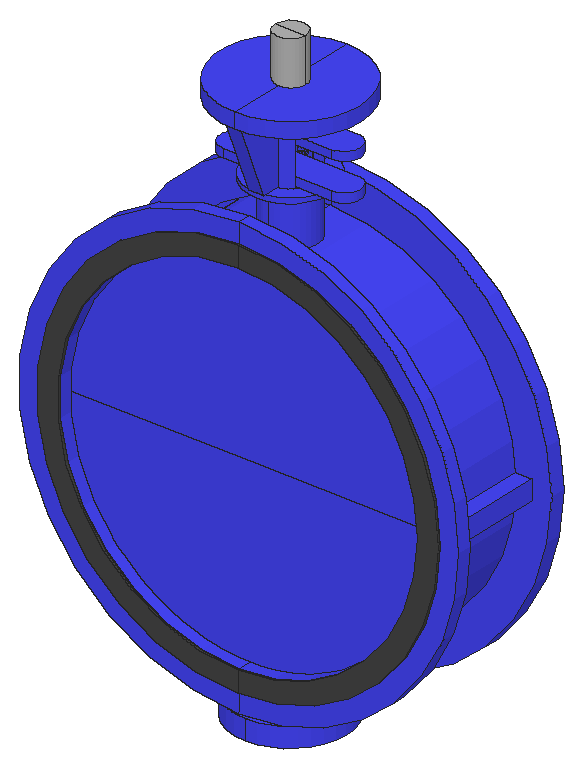
Revit family "926-01-002 DN100-1600", category Pipe Accessories, Revit 2022
Family settings
  Round Connector Dimension = Use Diameter
  Part Type = Valve - Breaks Into
  Work Plane-Based = No
  Always vertical = Yes
  Cut with Voids When Loaded = No
  Shared = No
Parameters (values of type "DN900_PN25")
  support_t = size_lookup(Search_table, "support_t", 0 mm, DN)  # 12 mm
  stem1 = Body_void * 0.85  # 39.27 mm
  URL_product_pages = "https://www.avkvalves.com/P.aspx?no=92610001030160100000"
  Stem_dim1 = Slot_Location1 * 0.38  # 21.85 mm
  Slot_Location1 = (A_support - Actuator_FL_T) / 3  # 57.5 mm
  Description_ = "AVK DBL. ECC. BUTTERFLY VALVE, FLANGED, ISO5752/13, PN25"
  DN900_PN25 = "926-900-01-030060100000"
  DN800_PN25 = "926-800-01-030060100000"
  DN700_PN25 = "926-700-01-030060100000"
  DN600_PN25 = "926-600-01-030080100000"
  DN500_PN25 = "926-500-01-030080100000"
  DN400_PN25 = "926-400-01-030080100000"
  DN350_PN25 = "926-350-01-030080100000"
  DN300_PN25 = "926-300-01-030080100000"
  DN250 PN25 = "926-250-01-030080100000"
  DN200_PN25 = "926-200-01-030080100000"
  DN1600_PN25 = "926-A16-01-030060100000"
  DN150_PN25 = "926-150-01-030080100000"
  DN1200_PN25 = "926-A12-01-030060100000"
  DN100_PN25 = "926-100-01-030160100000"
  DN1000_PN25 = "926-A10-01-030060100000"
  D1 = Body_shaft_R * 0.6  # 39.6 mm
  Search_table = "926-01-002 DN100-1600"
  Raised_dis = size_lookup(Search_table, "Raised_dis", 0 mm, DN)  # 5 mm
  Raised_R = size_lookup(Search_table, "Raised_R", 0 mm, DN)  # 502 mm
  PCD = size_lookup(Search_table, "PCD_R", 0 mm, DN)  # 525 mm
  Flange_T = size_lookup(Search_table, "Flange_T", 0 mm, DN)  # 37.5 mm
  Flange_R = size_lookup(Search_table, "Flange_R", 0 mm, DN)  # 550 mm
  E = size_lookup(Search_table, "E", 0 mm, DN)  # 108 mm
  Default Elevation = 0 mm
  DN = 900 mm
  D = size_lookup(Search_table, "D", 0 mm, DN)  # 75 mm
  C = size_lookup(Search_table, "C", 0 mm, DN)  # 802 mm
  Bore_R = size_lookup(Search_table, "Bore_R", 0 mm, DN)  # 450 mm
  Body_void = Body_shaft_R * 0.7  # 46.2 mm
  Body_shaft_R = (A * 0.4) / 2  # 66 mm
  Body_rib = size_lookup(Search_table, "Body_rib", 0 mm, DN)  # 25 mm
  Body_Thickness = size_lookup(Search_table, "Body_Thickness", 0 mm, DN)  # 11 mm
  Base_T = size_lookup(Search_table, "Base_T", 0 mm, DN)  # 48.75 mm
  Base_R = size_lookup(Search_table, "Base_R", 0 mm, DN)  # 140 mm
  B = size_lookup(Search_table, "B", 0 mm, DN)  # 620 mm
  Actuator_Flange_R = size_lookup(Search_table, "Actuator_Flange_R", 0 mm, DN)  # 175 mm
  Actuator_FL_T = size_lookup(Search_table, "Actuator_FL_T", 0 mm, DN)  # 37.5 mm
  A_support1 = Actuator_Flange_R * 0.6  # 105 mm
  A_support = size_lookup(Search_table, "A_support", 0 mm, DN)  # 210 mm
  A = size_lookup(Search_table, "A", 0 mm, DN)  # 330 mm
Types (16, lengths in mm): name | support_t | stem1 | Stem_dim1 | Slot_Location1 | D1 | Raised_dis | Raised_R | PCD | Flange_T | Flange_R | E | DN | D | C | Bore_R | Body_void | Body_shaft_R | Body_rib | Body_Thickness | Base_T | Base_R | B | Actuator_Flange_R | Actuator_FL_T | A_support1 | A_support | A
  (no name) | 12 | 39.27 | 21.85 | 57.5 | 39.6 | 5 | 502 | 525 | 37.5 | 550 | 108 | 900 | 75 | 802 | 450 | 46.2 | 66 | 25 | 11 | 48.75 | 140 | 620 | 175 | 37.5 | 105 | 210 | 330
  DN100_PN25 | 8 | 15.113 | 7.727 | 20.333 | 15.24 | 3 | 76.5 | 90 | 19 | 95 | 20 | 100 | 11 | 202 | 50 | 17.78 | 25.4 | 8 | 6 | 20 | 45 | 130 | 62.5 | 19 | 37.5 | 80 | 127
  DN1000_PN25 | 12 | 48.79 | 20.267 | 53.333 | 49.2 | 5 | 555.5 | 580 | 35 | 615 | 80 | 1000 | 75 | 856 | 500 | 57.4 | 82 | 25 | 12 | 45.5 | 140 | 700 | 175 | 35 | 105 | 195 | 410
  DN1200_PN25 | 12 | 55.93 | 24.7 | 65 | 56.4 | 5 | 665 | 690 | 40 | 727.5 | 180 | 1200 | 143 | 1080 | 600 | 65.8 | 94 | 25 | 12 | 52 | 166 | 850 | 207.5 | 40 | 124.5 | 235 | 470
  DN200_PN25 | 8 | 18.088 | 11.78 | 31 | 18.24 | 3 | 132 | 147.5 | 19 | 150 | 30 | 200 | 22 | 320 | 100 | 21.28 | 30.4 | 8 | 7 | 24.7 | 60 | 200 | 75 | 19 | 45 | 112 | 152
  DN150_PN25 | 8 | 16.66 | 9.753 | 25.667 | 16.8 | 3 | 104.5 | 120 | 19 | 122 | 27 | 150 | 17 | 280 | 75 | 19.6 | 28 | 8 | 6 | 23 | 50 | 170 | 62.5 | 19 | 37.5 | 96 | 140
  DN1600_PN25 | 12 | 71.4 | 15.96 | 42 | 72 | 5 | 815 | 715 | 40 | 830 | 170 | 1600 | 180 | 1050 | 800 | 84 | 120 | 25 | 1 | 52 | 190 | 1050 | 237.5 | 40 | 142.5 | 166 | 600
  DN250 PN25 | 8 | 19.635 | 11.78 | 31 | 19.8 | 3 | 159.5 | 175 | 22 | 175 | 36 | 250 | 27 | 340 | 125 | 23.1 | 33 | 8 | 8 | 28.6 | 60 | 222 | 75 | 22 | 45 | 115 | 165
  DN300_PN25 | 8 | 21.182 | 10.197 | 26.833 | 21.36 | 4 | 183.5 | 200 | 24.5 | 215 | 41 | 300 | 27 | 390 | 150 | 24.92 | 35.6 | 13 | 8 | 31.85 | 60 | 260 | 75 | 24.5 | 45 | 105 | 178
  DN350_PN25 | 9 | 22.61 | 11.463 | 30.167 | 22.8 | 4 | 213.5 | 230 | 24.5 | 252.5 | 41 | 350 | 36 | 420 | 175 | 26.6 | 38 | 13 | 9 | 31.85 | 60 | 290 | 75 | 24.5 | 45 | 115 | 190
  DN400_PN25 | 9 | 25.704 | 14.63 | 38.5 | 25.92 | 4 | 238.5 | 257.5 | 24.5 | 282.5 | 41 | 400 | 36 | 451 | 200 | 30.24 | 43.2 | 16 | 9 | 31.85 | 84 | 350 | 105 | 24.5 | 63 | 140 | 216
  DN500_PN25 | 10 | 27.251 | 14.377 | 37.833 | 27.48 | 4 | 291 | 310 | 26.5 | 335 | 65 | 500 | 46 | 511 | 250 | 32.06 | 45.8 | 16 | 10 | 34.45 | 84 | 380 | 105 | 26.5 | 63 | 140 | 229
  DN600_PN25 | 10 | 31.773 | 16.467 | 43.333 | 32.04 | 5 | 341 | 362.5 | 30 | 380 | 70 | 600 | 55 | 561 | 300 | 37.38 | 53.4 | 16 | 10 | 39 | 120 | 450 | 150 | 30 | 90 | 160 | 267
  DN700_PN25 | 10 | 34.748 | 18.683 | 49.167 | 35.04 | 5 | 398.5 | 420 | 32.5 | 440 | 110 | 700 | 80 | 655 | 350 | 40.88 | 58.4 | 18 | 10 | 42.25 | 120 | 500 | 150 | 32.5 | 90 | 180 | 292
  DN800_PN25 | 10 | 37.842 | 21.533 | 56.667 | 38.16 | 5 | 452 | 475 | 35 | 507.5 | 110 | 800 | 80 | 740 | 400 | 44.52 | 63.6 | 20 | 10 | 45.5 | 120 | 600 | 150 | 35 | 90 | 205 | 318
  DN900_PN25 | 12 | 39.27 | 21.85 | 57.5 | 39.6 | 5 | 502 | 525 | 37.5 | 550 | 108 | 900 | 75 | 802 | 450 | 46.2 | 66 | 25 | 11 | 48.75 | 140 | 620 | 175 | 37.5 | 105 | 210 | 330
Reference planes
  plane 1 "Center (Front/Back)": y = 0
  plane 2: z = 0
  plane 3 "Center (Left/Right)": x = 0
  plane 4: z = 802
  plane 5: z = -620
  plane 6: y = 165
  plane 7: y = -165
  plane 8: z = 550
  plane 9: z = 550
  plane 10: z = 450
  plane 11: z = 592
  plane 12: x = 18.75
  plane 13: x = -18.75
  plane 14: x = -175
  plane 15: x = 175
  plane 16: x = -80
  plane 17: x = 80
  plane 18: z = 910
  plane 19: z = 649.5
  plane 20: z = 707
  plane 21: x = 37.5
  plane 22: x = -37.5
  plane 23: y = 37.5
  plane 24: y = -37.5
  plane 25: z = 910
  plane 26: y = 175
  plane 27: y = -175
Forms (mm)
  Revolve 1, solid, material "Default Wall"
    sketch origin (0, 0, 0) x (0, 1, 0) y (0, 0, 1)
      loop
        line (127.5, 461) -> (-127.5, 461) -> (-127.5, 550) -> (-160, 550) -> (-160, 450) -> (165, 450) -> (165, 550) -> (127.5, 550) -> (127.5, 461)
      axis (165, 0) -> (-160, 0)
    angle from 0 to 360
  Revolve 2, solid, material "Default Roof"
    sketch origin (0, 0, 0) x (0, 1, 0) y (0, 0, 1)
      loop
        line (-160, 450) -> (-160, 502) -> (-165, 502) -> (-165, 450) -> (-160, 450)
      axis (-165, 0) -> (-160, 0)
    angle from 0 to 360
  Revolve 3, solid, material "Default Wall"
    sketch origin (0, 0, 0) x (0, 1, 0) y (0, 0, 1)
      loop
        line (-66, 764.5) -> (-66, -571.25) -> (-140, -571.25) -> (-140, -620) -> (0, -620) -> (0, 802) -> (-175, 802) -> (-175, 764.5) -> (-66, 764.5)
      axis (0, 802) -> (0, -620)
    angle from 0 to 360
  Extrusion 4, solid, material "Default Wall"
    sketch origin (0, 0, 0) x (0, 1, 0) y (0, 0, 1)
      loop
        line (175, 764.5) -> (-175, 764.5) -> (-105, 592) -> (105, 592) -> (175, 764.5)
    from -18.75 to 18.75
  Revolve 5, solid, material "Default Wall"
    sketch origin (0, 0, 0) x (1, 0, 0) y (0, 0, 1)
      loop
        line (0, 592) -> (0, 580) -> (105, 580) -> (105, 592) -> (0, 592)
      axis (0, 592) -> (0, 580)
    angle from 0 to 360
  Extrusion 6, void
    sketch origin (0, 0, 0) x (0, -1, 0) y (0, 0, 1)
      loop
        line (-46.2, 764.5) -> (-46.2, 592) -> (46.2, 592) -> (46.2, 764.5) -> (-46.2, 764.5)
    from -175 to 175
  Extrusion 7, solid, material "Default Wall"
    sketch origin (0, 0, 0) x (1, 0, 0) y (0, 1, 0)
      loop
        line (-502, 127.5) -> (-502, -127.5) -> (-450, -127.5) -> (-450, 127.5) -> (-502, 127.5)
      loop
        line (502, 127.5) -> (450, 127.5) -> (450, -127.5) -> (502, -127.5) -> (502, 127.5)
    from -25 to 25
  Revolve 8, solid, material "Default"
    sketch origin (0, 0, 0) x (1, 0, 0) y (0, 0, 1)
      loop
        line (0, 910) -> (0, 707) -> (39.27, 707) -> (39.27, 728.85) -> (37.5, 728.85) -> (37.5, 910) -> (0, 910)
      axis (0, 910) -> (0, 707)
    angle from 0 to 360
  Extrusion 9, solid, material "Default Wall"
    sketch origin (0, 212.588, 707) x (0, 1, 0) y (-1, 0, 0)
      loop
        arc (-172.988, 135.4) -> (-212.588, 175) -> (-252.188, 135.4) r 39.6
        line (-252.188, 135.4) -> (-252.188, -135.4)
        arc (-252.188, -135.4) -> (-212.588, -175) -> (-172.988, -135.4) r 39.6
        line (-172.988, -135.4) -> (-172.988, 135.4)
    from -21.85 to 0
  Extrusion 10, solid, material "Default Wall"
    sketch origin (0, 502.012, 592) x (0, 1, 0) y (-1, 0, 0)
      loop
        arc (-462.412, 135.4) -> (-502.012, 175) -> (-541.612, 135.4) r 39.6
        line (-541.612, 135.4) -> (-541.612, -135.4)
        arc (-541.612, -135.4) -> (-502.012, -175) -> (-462.412, -135.4) r 39.6
        line (-462.412, -135.4) -> (-462.412, 135.4)
    from 0 to 21.85
  Revolve 11, solid, material "Default Wall"
    sketch origin (0, 0, 0) x (1, 0, 0) y (0, 1, 0)
      loop
        line (-450, 127.5) -> (-450, -127.5) -> (0, -127.5) -> (0, 127.5) -> (-450, 127.5)
      axis (0, -127.5) -> (0, 127.5)
    angle from 0 to 360
Cuts and joins
  Extrusion 6 cuts Revolve 3
  Extrusion 6 cuts Extrusion 4
  Extrusion 6 cuts Revolve 5
Dimensions and locks
  equal spacing: plane 6, plane 1 "Center (Front/Back)", plane 7
  "Flange_R": plane 8 to level
  "A": plane 6 to plane 7
  "B": plane 5 to level
  "C": plane 4 to level
  equal spacing: Revolve 1 sketch curve, plane 1 "Center (Front/Back)", Revolve 1 sketch curve
  "Flange_R": plane 9 to level
  "Bore_R": plane 10 to level
  "Flange_T": plane 6 to Revolve 1 sketch curve
  "Raised_dis": Revolve 1 sketch curve to plane 7
  "Body_Thickness": Revolve 1 sketch curve to plane 10
  "Bore_R": Revolve 2 sketch curve to level
  "Raised_R": Revolve 2 sketch curve to level
  "Raised_dis": Revolve 2 sketch curve to plane 7
  "Actuator_FL_T": plane 4 to Revolve 3 sketch curve
  "Actuator_Flange_R": plane 1 "Center (Front/Back)" to Revolve 3 sketch curve
  "Base_T": plane 5 to Revolve 3 sketch curve
  "Base_R": plane 1 "Center (Front/Back)" to Revolve 3 sketch curve
  "Body_shaft_R": plane 1 "Center (Front/Back)" to Revolve 3 sketch curve
  "A_support": plane 4 to plane 11
  equal spacing: Extrusion 4 sketch curve, plane 1 "Center (Front/Back)", Extrusion 4 sketch curve  (x2)
  "Actuator_Flange_R": Extrusion 4 sketch curve to plane 1 "Center (Front/Back)"
  "A_support1": Extrusion 4 sketch curve to plane 1 "Center (Front/Back)"
  "Actuator_FL_T": plane 4 to Extrusion 4 sketch curve
  equal spacing: plane 12, plane 3 "Center (Left/Right)", plane 13
  "Flange_T": plane 13 to plane 12
  "A_support1": Revolve 5 sketch curve to plane 3 "Center (Left/Right)"
  "support_t": Revolve 5 sketch curve to plane 11
  "Actuator_FL_T": plane 4 to Extrusion 6 sketch curve
  equal spacing: Extrusion 6 sketch curve, plane 1 "Center (Front/Back)", Extrusion 6 sketch curve
  "Body_void": plane 1 "Center (Front/Back)" to Extrusion 6 sketch curve
  equal spacing: plane 15, plane 3 "Center (Left/Right)", plane 14
  "Actuator_Flange_R": plane 3 "Center (Left/Right)" to plane 14
  equal spacing: Extrusion 7 sketch curve, plane 3 "Center (Left/Right)", Extrusion 7 sketch curve  (x2)
  "Raised_R": Extrusion 7 sketch curve to plane 3 "Center (Left/Right)"
  "Bore_R": Extrusion 7 sketch curve to plane 3 "Center (Left/Right)"
  "Flange_T": Extrusion 7 sketch curve to plane 6
  "Flange_T": Extrusion 7 sketch curve to plane 7
  equal spacing: Extrusion 7, level, Extrusion 7
  "Body_rib": Extrusion 7 to level
  equal spacing: plane 17, plane 3 "Center (Left/Right)", plane 16
  "E": plane 18 to plane 4
  "stem1": Revolve 8 sketch curve to plane 3 "Center (Left/Right)"
  equal spacing: plane 20, plane 19, plane 11
  "Slot_Location1": plane 19 to plane 11
  "Stem_dim1": Revolve 8 to plane 20
  "Stem_dim1": plane 20 to Extrusion 9
  equal spacing: Extrusion 9 sketch curve, plane 1 "Center (Front/Back)", Extrusion 9 sketch curve
  equal spacing: Extrusion 9 sketch curve, plane 3 "Center (Left/Right)", Extrusion 9 sketch curve
  "Actuator_Flange_R": Extrusion 9 sketch curve to plane 3 "Center (Left/Right)"
  "D1": plane 1 "Center (Front/Back)" to Extrusion 9 sketch curve
  "Stem_dim1": Extrusion 10 to plane 11
  equal spacing: plane 22, plane 3 "Center (Left/Right)", plane 21
  "D": plane 22 to plane 21
  equal spacing: Revolve 11 sketch curve, plane 1 "Center (Front/Back)", Revolve 11 sketch curve
  "Flange_T": Revolve 11 sketch curve to plane 6
  "Bore_R": Revolve 11 sketch curve to plane 3 "Center (Left/Right)"
  "E": plane 25 to plane 4
  equal spacing: plane 23, plane 1 "Center (Front/Back)", plane 24
  "D": plane 23 to plane 24
  equal spacing: plane 26, plane 1 "Center (Front/Back)", plane 27
  "Actuator_Flange_R": plane 26 to plane 1 "Center (Front/Back)"
  plane 26 to plane 27 = 350 mm  (x2)
  aligned and locked: level to plane 2
  aligned and locked: level to Revolve 1 sketch curve
  aligned and locked: plane 9 to Revolve 1 sketch curve
  aligned and locked: Revolve 1 sketch curve to plane 9
  aligned and locked: plane 10 to Revolve 1 sketch curve
  aligned and locked: Revolve 1 sketch curve to plane 6
  aligned and locked: Revolve 2 sketch curve to plane 7
  aligned and locked: Revolve 2 sketch curve to level
  aligned and locked: Revolve 3 sketch curve to plane 1 "Center (Front/Back)"  (x2)
  aligned and locked: Revolve 3 sketch curve to plane 4
  aligned and locked: Revolve 3 sketch curve to plane 5
  aligned and locked: Extrusion 4 sketch curve to plane 11
  aligned and locked: plane 13 to Extrusion 4
  aligned and locked: plane 12 to Extrusion 4
  aligned and locked: plane 3 "Center (Left/Right)" to Revolve 5 sketch curve
  aligned and locked: Revolve 5 sketch curve to plane 11
  aligned and locked: Revolve 5 sketch curve to plane 3 "Center (Left/Right)"
  aligned and locked: plane 11 to Extrusion 6 sketch curve
  aligned and locked: Extrusion 6 to plane 14
  aligned and locked: Extrusion 6 to plane 15
  aligned and locked: Extrusion 7 sketch curve to Extrusion 7 sketch curve  (x2)
  aligned and locked: plane 3 "Center (Left/Right)" to Revolve 8 sketch curve
  aligned and locked: Revolve 8 sketch curve to plane 18
  aligned and locked: Revolve 8 sketch curve to plane 3 "Center (Left/Right)"
  aligned and locked: plane 20 to Revolve 8
  aligned and locked: plane 20 to Extrusion 9
  aligned and locked: Extrusion 10 sketch curve to Extrusion 9  (x2)
  aligned and locked: Extrusion 10 to plane 11
  aligned and locked: Revolve 8 sketch curve to plane 21
  aligned and locked: Revolve 11 sketch curve to plane 3 "Center (Left/Right)"  (x2)
  aligned and locked: plane 1 "Center (Front/Back)" to nested 1
  aligned and locked: nested 1 to level
Automatic sketch dimensions
  Revolve 1 sketch curve to plane 7 = 0.021 mm
  Revolve 1 sketch curve to plane 26 = 0.376 mm
  plane 7 to Revolve 2 sketch curve = 0.262 mm
  plane 27 to Revolve 2 sketch curve = 1.262 mm
  Revolve 3 sketch curve to level = 53.898 mm
  plane 20 to Revolve 3 sketch curve = 12.315 mm
  Revolve 5 sketch curve to plane 19 = 9.966 mm
  plane 19 to Revolve 5 sketch curve = 8.793 mm
  Revolve 8 sketch curve to plane 20 = 0 mm
  Revolve 8 sketch curve to Revolve 8 sketch curve = 21.85 mm
  Revolve 8 sketch curve to Revolve 8 sketch curve = 24.907 mm
  Revolve 8 sketch curve to Revolve 8 sketch curve = 30 mm
  plane 27 to Revolve 11 sketch curve = 0.437 mm
  Revolve 11 sketch curve to plane 23 = 6.937 mm
Nested families
  nested 1: "LOGO" at (-502, 0, 0) x (0, -1, 0) z (-1, 0, 0), type "LOGO"
Connectors
  piping at (0, 165, 0), diameter 900, driven by "DN"
    settings: on Revolve 1, index 1, connector inside diameter 609.6 mm, connector length 0 mm, flow factor 0, pipe flow 0.0 L/s, pressure drop 0.0 Pa, fitting loss kfactor 0, connector angle 0.00°, fixture units 0, engagement length 0 mm, angle of deflection 0.00°, flow configuration 0, flow direction 0, fitting loss method 0, system type 7, joint type 0, gender type 0, connector reference index -1, connector utility 0, adjustable connector no, is connector primary yes, connector description ""
  piping at (0, -165, 0), diameter 900, driven by "DN"
    settings: on Revolve 2, index 2, connector inside diameter 609.6 mm, connector length 0 mm, flow factor 0, pipe flow 0.0 L/s, pressure drop 0.0 Pa, fitting loss kfactor 0, connector angle 0.00°, fixture units 0, engagement length 0 mm, angle of deflection 0.00°, flow configuration 0, flow direction 0, fitting loss method 0, system type 7, joint type 0, gender type 0, connector reference index -1, connector utility 0, adjustable connector no, is connector primary no, connector description ""
Definition of nested family "LOGO"
  Parameters (values of type "LOGO")
    Default Elevation = 1219.2 mm
    DN600 = yes
    DN500 = yes
  Reference planes
    plane 1 "Center (Front/Back)": y = 0
    plane 2: z = 0
    plane 3 "Center (Left/Right)": x = 0
  Forms (mm)
    Extrusion 1, solid
      sketch origin (0, 0, 0) x (1, 0, 0) y (0, 1, 0)
        loop
          line (-1219.2, 1219.2) -> (-1219.2, -1219.2) -> (1219.2, -1219.2) -> (1219.2, 1219.2) -> (-1219.2, 1219.2)
      from 0 to -304.8
    Extrusion 2, solid, visible <- "DN600"
      sketch origin (0, 0, 0) x (1, 0, 0) y (0, 1, 0)
        loop
          line (-13.414, 47.067) -> (-49.421, 47.067) -> (-49.421, 37.301) -> (-20.11, 37.301) -> (-4.923, 0) -> (4.923, 0) -> (20.11, 37.301) -> (49.421, 37.301) -> (49.421, 47.067) -> (13.414, 47.067) -> (0, 14.12) -> (-13.414, 47.067)
        loop
          line (-49.421, 24.122) -> (-40.161, 24.122) -> (-49.421, 0) -> (-38.959, 0) -> (-36.972, 5.177) -> (-21.641, 5.177) -> (-19.533, 0) -> (-8.989, 0) -> (-22.642, 33.536) -> (-49.421, 33.536) -> (-49.421, 24.122)
        loop
          line (-34.548, 14.12) -> (-25.282, 14.12) -> (-30.051, 25.833) -> (-34.548, 14.12)
        loop
          line (22.642, 33.536) -> (8.989, 0) -> (19.533, 0) -> (24.902, 13.186) -> (34.838, 0) -> (47.067, 0) -> (35.829, 14.914)
          arc (35.829, 14.914) -> (42.384, 18.149) -> (46.597, 24.122) r 14.826
          line (46.597, 24.122) -> (49.421, 24.122) -> (49.421, 33.536) -> (40.007, 33.536)
          arc (40.007, 33.536) -> (36.577, 25.039) -> (28.208, 21.306) r 12.238
          line (28.208, 21.306) -> (33.187, 33.536) -> (22.642, 33.536)
      from 0 to 1
  Dimensions and locks
    aligned and locked: plane 2 to Extrusion 1
    aligned and locked: level to Extrusion 1
